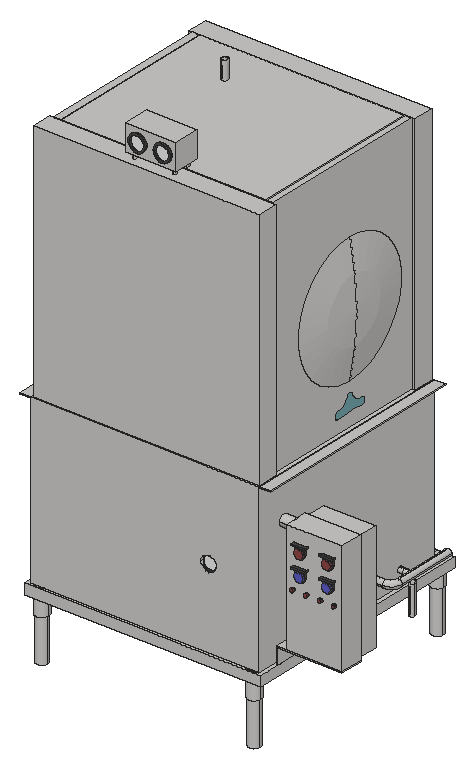
Revit family
Parameters (values of type "208/60/3")
  Width = 2' - 8 5/8"
  Weight in Pounds = 1000
  Waste Water Discharge Temperature [instance] = -459.67 °F
  Volts = 208 V
  Ventilation Remarks [instance] = ""
  URL Cutsheet = ""
  URL = "www.stero.com"
  Steam Supply Volume [instance] = 0 GPM
  Steam Supply Size = 3/4"
  Steam Supply RI Height [instance] = 0' - 0"
  Steam Supply Minimum Pressure = 15.00 psi
  Steam Supply Maximum Pressure = 40.00 psi
  Steam Supply Connection Height = 1' - 2"
  Steam Pounds per Hour = 57
  Status [instance] = ""
  Specification by User [instance] = ""
  Specification by Manufacturer = ""
  Serial Number [instance] = ""
  Seismic Rating [instance] = ""
  SMACNA No [instance] = ""
  Right Exhaust Item Number [instance] = "-"
  Revision Code [instance] = ""
  Plumbing Remarks [instance] = ""
  Plumbing Connection Type [instance] = ""
  Phase = 3
  Number of Poles [instance] = 1
  NAFEM Spec ID Number [instance] = ""
  Model = "U-31A"
  Mechanical Remarks [instance] = ""
  Mechanical Connection Type [instance] = ""
  Masterspec = ""
  Manufacturer = "Stero"
  Item Number [instance] = "-"
  Installed By [instance] = ""
  Indirect Waste Size = 2"
  Indirect Waste Flow [instance] = 0 GPM
  Indirect Waste Connection Type [instance] = ""
  Indirect Waste Connection Height = 0' - 4 1/4"
  Hot Water Usage Rack = "0.5 Gal/Rack"
  Hot Water Usage = "70 GPH"
  Hot Water Temperature = 180 °F
  Hot Water Size = 3/4"
  Hot Water RI Height [instance] = 0' - 0"
  Hot Water Minimum Pressure = 20.00 psi
  Hot Water Maximum Pressure = 20.00 psi
  Hot Water Flow [instance] = 0 GPM
  Hot Water Consumption = 1.97 GPM
  Hot Water Connection Height = 5' - 11 1/2"
  HP = "3"
  Furnished By [instance] = ""
  Foodservice Equipment Identifier [instance] = yes
  FL Amps = 9 A
  Exhaust Volume [instance] = if(Exhaust Vent, 600 CFM, 0 CFM)  # 0 CFM
  Exhaust Vent Width = 0' - 7 7/8"
  Exhaust Vent Depth = 0' - 7 7/8"
  Exhaust Vent [instance] = no
  Exhaust Static Press = 0.00 in-wg
  Exhaust RI Height [instance] = 0' - 0"
  Electrical Remarks [instance] = ""
  Electric Connection Type [instance] = ""
  Elec Conn RI Height [instance] = 0' - 0"
  Elec Conn Connection Height = 2' - 0 3/4"
  Description = "Pot, Pan and Utensil Washer"
  Depth = 2' - 11"
  Cycle = 60 Hz
  Conn Conduit = yes
  Condensate Return Size = 1/2"
  Condensate Return RI Height [instance] = 0' - 0"
  Condensate Return Connection Height = 0' - 7"
  Clearance Depth [instance] = 0' - 4 1/2"
  CSI MasterFormat = "11 48 13"
  Assembly Code = "E1090320"
  Apparent Power = if(Phase = 3, Volts * FL Amps * 1.73, Volts * FL Amps)  # 3238.56 VA
Types (3): name | Volts | FL Amps | Apparent Power
  (no name) | 208 V | 9 A | 3238.56 VA
  208/60/3 | 208 V | 9 A | 3238.56 VA
  480/60/3 | 480 V | 4.8 A | 3985.92 VA
Reference planes (in)
  plane 1: z = 0
  plane 2 "Left of Top": x = 2.32772
  plane 3 "BACK": y = -48
  plane 4 "TOP": z = 100.5
  plane 5 "Right of Top": x = 34.95272
  plane 6 "FRONT": y = -83
  plane 7 "LEFT": x = 1.64022
  plane 8 "RIGHT": x = 35.64022
  plane 9 "Bottom of Machine": z = 8.5
  plane 10 "Table Height": z = 34
  plane 11 "Top of Machine": z = 69
  plane 12: z = 10
  plane 13 "Center": x = 18.64022
  plane 14 "Top of Opening": z = 61.5625
  plane 15: z = 6.25
  plane 16: x = 2.20272
  plane 17: x = 35.07772
  plane 18: x = 0.57772
  plane 19: x = 36.70272
  plane 20 "Front of Bottom": y = -82.5625
  plane 21: y = -65.5
  plane 22: y = -51
  plane 23 "Back of Top": y = -51.25
  plane 24 "Front of Top": y = -82.3125
  plane 25: y = -79.3125
  plane 26: y = -54.25
  plane 27: x = 33.45272
  plane 28: x = 3.82772
  plane 29: x = 34.45272
  plane 30: x = 2.82772
  plane 31 "Front of Panel": y = -81.5625
  plane 32: y = -77.8125
  plane 33: z = 69.75
  plane 34: z = 73.5
  plane 35: x = 15.01522
  plane 36: x = 22.26522
  plane 37: x = 14.70272
  plane 38: y = -62.3125
  plane 39: y = -54.4375
  plane 40: x = 22.57772
  plane 41: y = -43.5
  plane 42 "Front of Lower Panel": y = -79.9375
  plane 43: y = -76.625
  plane 44: z = 12.375
  plane 45: z = 28.625
  plane 46 "Right of Lower Panel": x = 44.95272
  plane 47 "Left of Lower Panel": x = 36.95272
  plane 48 "Back of Lower Panel": y = -73.5625
  plane 49: z = 28.375
  plane 50: z = 12.625
  plane 51: x = 44.70272
  plane 52: x = 37.20272
  plane 53: z = 21.5
  plane 54: x = 27.82772
  plane 55: z = 4.25
  plane 56: z = 71.5
  plane 57: y = -60.3125
  plane 58: x = 12.32772
  plane 59: z = 24.75
  plane 60: x = 37.95272
  plane 61 "Condensate": y = -57.3125
  plane 62: y = -53.3125
  plane 63: y = -63.3125
  plane 64: z = 7
  plane 65: z = 12.25
  plane 66 "Steam Supply": z = 14
  plane 67: x = 38.95272
Forms (in)
  Extrusion 1, solid, material "QF_Finishes_Stainless Steel"
    sketch origin (0, 0, 8.5) x (0, 1, 0) y (-1, 0, 0)
      loop
        line (-48, -1.64022) -> (-83, -1.64022) -> (-83, -35.64022) -> (-48, -35.64022) -> (-48, -1.64022)
    from 0 to 1.5
  Extrusion 2, solid, material "QF_Finishes_Stainless Steel"
    sketch origin (0, 0, 28.5) x (0, 1, 0) y (-1, 0, 0)
      loop
        line (-51, -2.20272) -> (-82.5625, -2.20272) -> (-82.5625, -35.07772) -> (-51, -35.07772) -> (-51, -2.20272)
    from 5.5 to -18.5
  Extrusion 3, solid, material "QF_Finishes_Stainless Steel"
    sketch origin (0, 0, 34) x (0, 1, 0) y (-1, 0, 0)
      loop
        line (-51, -2.20272) -> (-51, -0.57772) -> (-82.5625, -0.57772) -> (-82.5625, -2.20272) -> (-51, -2.20272)
    from 0 to -0.125
  Extrusion 4, solid, material "QF_Finishes_Stainless Steel"
    sketch origin (0, 0, 34) x (0, 1, 0) y (-1, 0, 0)
      loop
        line (-51, -35.07772) -> (-82.5625, -35.07772) -> (-82.5625, -36.70272) -> (-51, -36.70272) -> (-51, -35.07772)
    from 0 to -0.125
  Extrusion 5, solid, material "QF_Finishes_Stainless Steel"
    sketch origin (0, 0, 69) x (0, 1, 0) y (-1, 0, 0)
      loop
        line (-54.25, -3.82772) -> (-79.3125, -3.82772) -> (-79.3125, -33.45272) -> (-54.25, -33.45272) -> (-54.25, -3.82772)
    from 0 to -7.4375
  Extrusion 6, solid, material "QF_Finishes_Stainless Steel"
    sketch origin (0, 0, 69) x (0, 1, 0) y (-1, 0, 0)
      loop
        line (-51.25, -2.32772) -> (-54.25, -2.32772) -> (-54.25, -34.95272) -> (-51.25, -34.95272) -> (-51.25, -2.32772)
    from 0 to -35
  Extrusion 7, solid, material "QF_Finishes_Stainless Steel"
    sketch origin (-31.85978, -79.82772, 69) x (-1, 0, 0) y (0, -1, 0)
      loop
        line (-65.3125, -0.51522) -> (-66.3125, -0.51522) -> (-66.3125, -25.57772) -> (-65.3125, -25.57772) -> (-65.3125, -0.51522)
    from 0 to -35
  Revolve 8, solid, material "QF_Finishes_Stainless Steel"
    sketch origin (-32.35978, -65.50246, -4.22611) x (-1, 0, 0) y (0, 0, 1)
      loop
        line (-66.8125, 53.5625) -> (-66.8125, 62.89889)
        arc (-66.8125, 62.89889) -> (-67.57581, 58.2589) -> (-67.8125, 53.5625) r 41.7501
        line (-67.8125, 53.5625) -> (-66.8125, 53.5625)
      axis (-66.8125, 53.5625) -> (-67.8125, 53.5625)
    angle from 0 to 360
  Extrusion 9, solid, material "QF_Finishes_Stainless Steel"
    sketch origin (0, 0, 0) x (1, 0, 0) y (0, 1, 0)
      loop
        circle (3.32772, -49) r 0.8125
    from 0 to 6.25
  Extrusion 10, solid, material "QF_Finishes_Stainless Steel"
    sketch origin (0, 0, 0) x (1, 0, 0) y (0, 1, 0)
      loop
        circle (3.32772, -49) r 0.9375
    from 6.25 to 8.5
  Extrusion 11, solid, material "QF_Finishes_Stainless Steel"
    sketch origin (48.65544, 0, 0) x (-1, 0, 0) y (0, -1, 0)
      loop
        circle (14.70272, 49) r 0.8125
    from 0 to 6.25
  Extrusion 12, solid, material "QF_Finishes_Stainless Steel"
    sketch origin (48.65544, 0, 0) x (-1, 0, 0) y (0, -1, 0)
      loop
        circle (14.70272, 49) r 0.9375
    from 6.25 to 10
  Extrusion 13, solid, material "QF_Finishes_Stainless Steel"
    sketch origin (0, -121, 0) x (1, 0, 0) y (0, 1, 0)
      loop
        circle (3.32772, 39) r 0.8125
    from 0 to 6.25
  Extrusion 14, solid, material "QF_Finishes_Stainless Steel"
    sketch origin (0, -121, 0) x (1, 0, 0) y (0, 1, 0)
      loop
        circle (3.32772, 39) r 0.9375
    from 6.25 to 10
  Extrusion 15, solid, material "QF_Finishes_Stainless Steel"
    sketch origin (48.65544, -121, 0) x (-1, 0, 0) y (0, -1, 0)
      loop
        circle (14.70272, -39) r 0.8125
    from 0 to 6.25
  Extrusion 16, solid, material "QF_Finishes_Stainless Steel"
    sketch origin (48.65544, -121, 0) x (-1, 0, 0) y (0, -1, 0)
      loop
        circle (14.70272, -39) r 0.9375
    from 6.25 to 10
  Extrusion 17, solid, material "QF_Finishes_Light Blue"
    sketch origin (34.95272, -79.82772, 5.5) x (0, -1, 0) y (0, 0, 1)
      loop
        line (-13.71645, 30.53132) -> (-12.08461, 30.44809)
        arc (-12.08461, 30.44809) -> (-11.90443, 30.52273) -> (-11.82979, 30.70292) r 0.25483
        line (-11.82979, 30.70292) -> (-11.82979, 31.18785)
        arc (-11.82979, 31.18785) -> (-11.90343, 31.36562) -> (-12.08121, 31.43926) r 0.25142
        arc (-12.08121, 31.43926) -> (-13.22593, 31.6553) -> (-13.90311, 32.60319) r 1.56264
        arc (-13.90311, 32.60319) -> (-14.31726, 32.93713) -> (-14.74741, 32.62407) r 0.43733
        arc (-14.74741, 32.62407) -> (-15.42049, 31.66111) -> (-16.57423, 31.43926) r 1.56264
        arc (-16.57423, 31.43926) -> (-16.75201, 31.36562) -> (-16.82565, 31.18785) r 0.25142
        line (-16.82565, 31.18785) -> (-16.82565, 30.70292)
        arc (-16.82565, 30.70292) -> (-16.75101, 30.52273) -> (-16.57082, 30.44809) r 0.25483
        line (-16.57082, 30.44809) -> (-14.93898, 30.53132)
        arc (-14.93898, 30.53132) -> (-14.32772, 30.54468) -> (-13.71645, 30.53132) r 13.99777
    from 0.5 to 0.4375
  Extrusion 18, solid, material "QF_Finishes_Stainless Steel"
    sketch origin (0, -17.25, 69) x (0, 1, 0) y (-1, 0, 0)
      loop
        line (-62.0625, -2.32772) -> (-65.0625, -2.32772) -> (-65.0625, -34.95272) -> (-62.0625, -34.95272) -> (-62.0625, -2.32772)
    from 0 to -35
  Extrusion 19, solid, material "QF_Finishes_Stainless Steel"
    sketch origin (69.14022, -79.82772, 69) x (1, 0, 0) y (0, 1, 0)
      loop
        line (-65.3125, 0.51522) -> (-65.3125, 25.57772) -> (-66.3125, 25.57772) -> (-66.3125, 0.51522) -> (-65.3125, 0.51522)
    from 0 to -35
  Revolve 20, solid, material "QF_Finishes_Stainless Steel"
    sketch origin (69.64022, -65.50246, -4.22611) x (1, 0, 0) y (0, 0, -1)
      loop
        line (-66.8125, -53.5625) -> (-67.8125, -53.5625)
        arc (-67.8125, -53.5625) -> (-67.57581, -58.2589) -> (-66.8125, -62.89889) r 41.7501
        line (-66.8125, -62.89889) -> (-66.8125, -53.5625)
      axis (-66.8125, -53.5625) -> (-67.8125, -53.5625)
    angle from 0 to 360
  Extrusion 21, solid, material "QF_Finishes_Light Blue"
    sketch origin (2.32772, -79.82772, 5.5) x (0, -1, 0) y (0, 0, -1)
      loop
        arc (-13.71645, -30.53132) -> (-14.32772, -30.54468) -> (-14.93898, -30.53132) r 13.99777
        line (-14.93898, -30.53132) -> (-16.57082, -30.44809)
        arc (-16.57082, -30.44809) -> (-16.75101, -30.52273) -> (-16.82565, -30.70292) r 0.25483
        line (-16.82565, -30.70292) -> (-16.82565, -31.18785)
        arc (-16.82565, -31.18785) -> (-16.75201, -31.36562) -> (-16.57423, -31.43926) r 0.25142
        arc (-16.57423, -31.43926) -> (-15.42049, -31.66111) -> (-14.74741, -32.62407) r 1.56264
        arc (-14.74741, -32.62407) -> (-14.31726, -32.93713) -> (-13.90311, -32.60319) r 0.43733
        arc (-13.90311, -32.60319) -> (-13.22593, -31.6553) -> (-12.08121, -31.43926) r 1.56264
        arc (-12.08121, -31.43926) -> (-11.90343, -31.36562) -> (-11.82979, -31.18785) r 0.25142
        line (-11.82979, -31.18785) -> (-11.82979, -30.70292)
        arc (-11.82979, -30.70292) -> (-11.90443, -30.52273) -> (-12.08461, -30.44809) r 0.25483
        line (-12.08461, -30.44809) -> (-13.71645, -30.53132)
    from 0.5 to 0.4375
  Extrusion 22, solid, material "QF_Finishes_Clearance", detail levels coarse
    sketch origin (-31.85978, -79.82772, 100.5) x (-1, 0, 0) y (0, -1, 0)
      loop
        line (-65.3125, -0.51522) -> (-66.3125, -0.51522) -> (-66.3125, -25.57772) -> (-65.3125, -25.57772) -> (-65.3125, -0.51522)
    from 0 to -31.5
  Extrusion 23, solid, material "QF_Finishes_Clearance", detail levels coarse
    sketch origin (69.14022, -79.82772, 100.5) x (1, 0, 0) y (0, 1, 0)
      loop
        line (-65.3125, 0.51522) -> (-65.3125, 25.57772) -> (-66.3125, 25.57772) -> (-66.3125, 0.51522) -> (-65.3125, 0.51522)
    from 0 to -31.5
  Extrusion 24, solid, material "QF_Finishes_Stainless Steel"
    sketch origin (0.0625, -81.5625, 0) x (1, 0, 0) y (0, 0, 1)
      loop
        line (14.95272, 73.5) -> (14.95272, 69.75) -> (22.20272, 69.75) -> (22.20272, 73.5) -> (14.95272, 73.5)
    from 0 to -3.75
  Extrusion 25, solid, material "QF_Finishes_Stainless Steel"
    sketch origin (0.0625, 0, 69) x (0, 1, 0) y (-1, 0, 0)
      loop
        circle (-78.5625, -15.70272) r 0.25
      loop
        circle (-78.5625, -21.45272) r 0.25
      loop
        circle (-80.8125, -15.70272) r 0.25
      loop
        circle (-80.8125, -21.45272) r 0.25
    from 0 to 0.75
  Extrusion 26, solid, material "QF_Finishes_Black"
    sketch origin (0.0625, -81.5625, 0) x (1, 0, 0) y (0, 0, 1)
      loop
        circle (16.75933, 71.60797) r 1.25
      loop
        circle (16.75933, 71.60797) r 1
    from 0 to 0.25
  Extrusion 27, solid, material "QF_Finishes_White"
    sketch origin (0.0625, -81.5625, 0) x (1, 0, 0) y (0, 0, 1)
      loop
        circle (16.75933, 71.60797) r 1
    from 0 to 0.0625
  Extrusion 28, solid, material "QF_Finishes_Black"
    sketch origin (3.6875, -81.5625, 0) x (1, 0, 0) y (0, 0, 1)
      loop
        circle (16.75933, 71.60797) r 1.25
      loop
        circle (16.75933, 71.60797) r 1
    from 0 to 0.25
  Extrusion 29, solid, material "QF_Finishes_White"
    sketch origin (3.6875, -81.5625, 0) x (1, 0, 0) y (0, 0, 1)
      loop
        circle (16.75933, 71.60797) r 1
    from 0 to 0.0625
  Extrusion 30, solid, material "QF_Finishes_Stainless Steel", visible <- "Exhaust Vent"
    sketch origin (0, 0, 69) x (0, 1, 0) y (-1, 0, 0)
      loop
        line (-54.4375, -14.70272) -> (-62.3125, -14.70272) -> (-62.3125, -22.57772) -> (-54.4375, -22.57772) -> (-54.4375, -14.70272)
      loop
        line (-62.1875, -14.82772) -> (-62.1875, -22.45272) -> (-54.5625, -22.45272) -> (-54.5625, -14.82772) -> (-62.1875, -14.82772)
    from 0 to 8
  Extrusion 31, solid, material "QF_Finishes_Clearance", detail levels coarse
    sketch origin (0, 0, 0) x (1, 0, 0) y (0, 1, 0)
      loop
        line (0.57772, -43.5) -> (0.57772, -48) -> (36.70272, -48) -> (36.70272, -43.5) -> (0.57772, -43.5)
    from 0 to 77
  Extrusion 32, solid, material "QF_Finishes_Stainless Steel"
    sketch origin (0, -79.9375, 0) x (-1, 0, 0) y (0, 0, 1)
      loop
        line (-35.64022, 10) -> (-35.51522, 10) -> (-35.51522, 12.375) -> (-44.95272, 12.375) -> (-44.95272, 12.25) -> (-35.64022, 12.25) -> (-35.64022, 10)
    from 0 to 3.3125
  Extrusion 33, solid, material "QF_Finishes_Stainless Steel"
    sketch origin (0, -79.9375, 0) x (-1, 0, 0) y (0, 0, 1)
      loop
        line (-36.95272, 28.625) -> (-44.95272, 28.625) -> (-44.95272, 12.375) -> (-36.95272, 12.375) -> (-36.95272, 28.625)
    from 0 to 3.3125
  Extrusion 34, solid, material "QF_Finishes_Black"
    sketch origin (14.125, -79.9375, -35.75) x (-1, 0, 0) y (0, 0, 1)
      loop
        line (-27.82772, 62.5) -> (-29.82772, 62.5) -> (-29.82772, 62.25) -> (-27.82772, 62.25) -> (-27.82772, 62.5)
    from 0 to -0.5
  Extrusion 35, solid, material "QF_Finishes_LED Red"
    sketch origin (19.125, -79.9375, -35.75) x (-1, 0, 0) y (0, 0, 1)
      loop
        circle (-19.82772, 61.375) r 0.625
    from -0.125 to -0.375
  Extrusion 36, solid, material "QF_Finishes_LED Red"
    sketch origin (23.125, -79.9375, -35.75) x (-1, 0, 0) y (0, 0, 1)
      loop
        circle (-19.82772, 61.375) r 0.625
    from -0.125 to -0.375
  Extrusion 37, solid, material "QF_Finishes_Black"
    sketch origin (14.125, -79.9375, -35.75) x (-1, 0, 0) y (0, 0, 1)
      loop
        arc (-29.57772, 61.375) -> (-28.82772, 60.625) -> (-28.07772, 61.375) r 0.75
        line (-28.07772, 61.375) -> (-28.07772, 62.25) -> (-29.57772, 62.25) -> (-29.57772, 61.375)
    from 0 to -0.125
  Extrusion 38, solid, material "QF_Finishes_Black"
    sketch origin (10.125, -79.9375, -35.75) x (-1, 0, 0) y (0, 0, 1)
      loop
        line (-27.82772, 62.5) -> (-29.82772, 62.5) -> (-29.82772, 62.25) -> (-27.82772, 62.25) -> (-27.82772, 62.5)
    from 0 to -0.5
  Extrusion 39, solid, material "QF_Finishes_Black"
    sketch origin (10.125, -79.9375, -35.75) x (-1, 0, 0) y (0, 0, 1)
      loop
        arc (-29.57772, 61.375) -> (-28.82772, 60.625) -> (-28.07772, 61.375) r 0.75
        line (-28.07772, 61.375) -> (-28.07772, 62.25) -> (-29.57772, 62.25) -> (-29.57772, 61.375)
    from 0 to -0.125
  Extrusion 40, solid, material "QF_Finishes_Black"
    sketch origin (14.125, -79.9375, -38.75) x (-1, 0, 0) y (0, 0, 1)
      loop
        line (-27.82772, 62.5) -> (-29.82772, 62.5) -> (-29.82772, 62.25) -> (-27.82772, 62.25) -> (-27.82772, 62.5)
    from 0 to -0.5
  Extrusion 41, solid, material "QF_Finishes_Navy Blue"
    sketch origin (19.125, -79.9375, -38.75) x (-1, 0, 0) y (0, 0, 1)
      loop
        circle (-19.82772, 61.375) r 0.625
    from -0.125 to -0.375
  Extrusion 42, solid, material "QF_Finishes_Navy Blue"
    sketch origin (23.125, -79.9375, -38.75) x (-1, 0, 0) y (0, 0, 1)
      loop
        circle (-19.82772, 61.375) r 0.625
    from -0.125 to -0.375
  Extrusion 43, solid, material "QF_Finishes_Black"
    sketch origin (14.125, -79.9375, -38.75) x (-1, 0, 0) y (0, 0, 1)
      loop
        arc (-29.57772, 61.375) -> (-28.82772, 60.625) -> (-28.07772, 61.375) r 0.75
        line (-28.07772, 61.375) -> (-28.07772, 62.25) -> (-29.57772, 62.25) -> (-29.57772, 61.375)
    from 0 to -0.125
  Extrusion 44, solid, material "QF_Finishes_Black"
    sketch origin (10.125, -79.9375, -38.75) x (-1, 0, 0) y (0, 0, 1)
      loop
        line (-27.82772, 62.5) -> (-29.82772, 62.5) -> (-29.82772, 62.25) -> (-27.82772, 62.25) -> (-27.82772, 62.5)
    from 0 to -0.5
  Extrusion 45, solid, material "QF_Finishes_Black"
    sketch origin (10.125, -79.9375, -38.75) x (-1, 0, 0) y (0, 0, 1)
      loop
        arc (-29.57772, 61.375) -> (-28.82772, 60.625) -> (-28.07772, 61.375) r 0.75
        line (-28.07772, 61.375) -> (-28.07772, 62.25) -> (-29.57772, 62.25) -> (-29.57772, 61.375)
    from 0 to -0.125
  Extrusion 46, solid, material "QF_Finishes_LED Red"
    sketch origin (19.125, -79.9375, -40.75) x (-1, 0, 0) y (0, 0, 1)
      loop
        circle (-18.82772, 61.375) r 0.25
      loop
        circle (-20.82772, 61.375) r 0.25
      loop
        circle (-22.82772, 61.375) r 0.25
      loop
        circle (-24.82772, 61.375) r 0.25
    from -0.125 to -0.375
  Extrusion 47, solid, material "QF_Finishes_Stainless Steel"
    sketch origin (0, -79.9375, 0) x (-1, 0, 0) y (0, 0, 1)
      loop
        line (-37.20272, 28.375) -> (-44.70272, 28.375) -> (-44.70272, 12.625) -> (-37.20272, 12.625) -> (-37.20272, 28.375)
    from 3.3125 to 6.375
  Extrusion 48, solid, material "QF_Finishes_Stainless Steel"
    sketch origin (35.64022, 0, 0) x (0, -1, 0) y (0, 0, 1)
      loop
        circle (78.28125, 27.875) r 0.75
    from 0.5625 to -1.3125
  Extrusion 49, void
    sketch origin (0, -82.5625, 0) x (1, 0, 0) y (0, 0, 1)
      loop
        circle (27.82772, 21.5) r 1.125
    from 0 to -1
  Extrusion 50, solid, material "QF_Finishes_Black"
    sketch origin (0, -82.5625, 0) x (1, 0, 0) y (0, 0, 1)
      loop
        circle (27.82772, 21.5) r 1.125
      loop
        circle (27.82772, 21.5) r 0.9375
    from -0.25 to -0.5
  Extrusion 51, solid, material "QF_Finishes_White"
    sketch origin (0, -82.5625, 0) x (1, 0, 0) y (0, 0, 1)
      loop
        circle (27.82772, 21.5) r 0.9375
    from -0.25 to -0.5
  Extrusion 52, solid, material "QF_Finishes_Stainless Steel"
    sketch origin (0, 0, 0) x (1, 0, 0) y (0, 1, 0)
      loop
        circle (18.64022, -65.5) r 1
      loop
        circle (18.64022, -65.5) r 1.125
    from 4.25 to 8.5
  Extrusion 53, solid, material "QF_Finishes_Stainless Steel"
    sketch origin (0, 0, 69) x (0, 1, 0) y (-1, 0, 0)
      loop
        circle (-60.3125, -12.32772) r 0.375
      loop
        circle (-60.3125, -12.32772) r 0.5
    from 0 to 2.5
  Extrusion 54, solid, material "QF_Finishes_Stainless Steel"
    sketch origin (0, -73.5625, 0) x (-1, 0, 0) y (0, 0, 1)
      loop
        circle (-37.95272, 24.75) r 0.25
    from 0 to 0.0625
  Sweep 55, solid, material "QF_Finishes_Stainless Steel"
    path origin (0, 0, 14) x (0, 1, 0) y (-1, 0, 0)
      loop
        line (-63.3125, -35.07772) -> (-63.3125, -37.95272)
        arc (-63.3125, -37.95272) -> (-63.01961, -38.65983) -> (-62.3125, -38.95272) r 1
        line (-62.3125, -38.95272) -> (-53.3125, -38.95272)
    profile origin (36.51522, -63.3125, 14) x (0, 1, 0) y (0, 0, 1)
      loop
        circle (0, 0) r 0.375
      loop
        circle (0, 0) r 0.5
  Sweep 56, solid, material "QF_Finishes_Stainless Steel"
    path origin (0, -57.3125, 0) x (1, 0, 0) y (0, 0, 1)
      loop
        line (36.95272, 7) -> (36.95272, 11.25)
        arc (36.95272, 11.25) -> (36.65983, 11.95711) -> (35.95272, 12.25) r 1
        line (35.95272, 12.25) -> (35.07772, 12.25)
    profile origin (36.95272, -57.3125, 9.125) x (-1, 0, 0) y (0, -1, 0)
      loop
        circle (0, 0) r 0.25
      loop
        circle (0, 0) r 0.375
Cuts and joins
  Extrusion 49 cuts Extrusion 2
Lines and regions (in)
  symbolic lines
    curve 1: line (1.64022, -51, 14) -> (35.64022, -51, 14)
    curve 2: line (1.64022, -83, 14) -> (1.64022, -51, 14)
    curve 3: line (35.64022, -83, 14) -> (1.64022, -83, 14)
    curve 4: line (35.64022, -51, 14) -> (35.64022, -83, 14)
    curve 5: line (15.01522, -77.8125, 14) -> (22.26522, -77.8125, 14)
    curve 6: line (15.01522, -81.5625, 14) -> (15.01522, -77.8125, 14)
    curve 7: line (22.26522, -81.5625, 14) -> (15.01522, -81.5625, 14)
    curve 8: line (22.26522, -77.8125, 14) -> (22.26522, -81.5625, 14)
    curve 9: line (22.57772, -62.3125, 14) -> (14.70272, -62.3125, 14)
    curve 10: line (22.57772, -54.4375, 14) -> (22.57772, -62.3125, 14)
    curve 11: line (14.70272, -54.4375, 14) -> (22.57772, -54.4375, 14)
    curve 12: line (14.70272, -62.3125, 14) -> (14.70272, -54.4375, 14)
    curve 13: line (36.95272, -76.625, 14) -> (44.95272, -76.625, 14)
    curve 14: line (36.95272, -79.9375, 14) -> (36.95272, -76.625, 14)
    curve 15: line (44.95272, -79.9375, 14) -> (36.95272, -79.9375, 14)
    curve 16: line (44.95272, -76.625, 14) -> (44.95272, -79.9375, 14)
    curve 17: line (44.70272, -76.625, 14) -> (44.70272, -73.5625, 14)
    curve 18: line (44.70272, -73.5625, 14) -> (37.20272, -73.5625, 14)
    curve 19: line (37.20272, -73.5625, 14) -> (37.20272, -76.625, 14)
    curve 20: line (36.95272, -77.53125, 14) -> (36.70272, -77.53125, 14)
    curve 21: line (36.95272, -79.03125, 14) -> (36.70272, -79.03125, 14)
    curve 22: line (35.64022, -82.5625, 14) -> (36.70272, -82.5625, 14)
    curve 23: line (36.70272, -82.5625, 14) -> (36.70272, -51, 14)
    curve 24: line (36.70272, -51, 14) -> (35.64022, -51, 14)
    curve 25: line (35.64022, -51, 14) -> (35.64022, -48, 14)
    curve 26: line (35.64022, -48, 14) -> (1.64022, -48, 14)
    curve 27: line (1.64022, -48, 14) -> (1.64022, -51, 14)
    curve 28: line (1.64022, -51, 14) -> (0.57772, -51, 14)
    curve 29: line (0.57772, -51, 14) -> (0.57772, -82.5625, 14)
    curve 30: line (0.57772, -82.5625, 14) -> (1.64022, -82.5625, 14)
  symbolic lines, style "QF_Clearances", detail levels coarse
    curve 31: line (0.57772, -48, 14) -> (0.57772, -43.5, 14)
    curve 32: line (0.57772, -43.5, 14) -> (36.70272, -43.5, 14)
    curve 33: line (36.70272, -43.5, 14) -> (36.70272, -48, 14)
Dimensions and locks (in)
  "Width": plane 2 "Left of Top" to plane 5 "Right of Top"
  "Depth": plane 6 "FRONT" to plane 3 "BACK"
  locked: plane 9 "Bottom of Machine" to level at 8.5
  locked: plane 10 "Table Height" to level at 34
  plane 11 "Top of Machine" to level = 5' - 9"
  plane 4 "TOP" to level = 8' - 4 1/2"
  plane 12 to plane 9 "Bottom of Machine" = 0' - 1 1/2"
  equal spacing: plane 2 "Left of Top", plane 13 "Center", plane 5 "Right of Top"
  locked: plane 11 "Top of Machine" to plane 14 "Top of Opening" at 7.4375
  plane 15 to level = 0' - 6 1/4"
  plane 7 "LEFT" to plane 2 "Left of Top" = 0' - 0 11/16"
  plane 5 "Right of Top" to plane 8 "RIGHT" = 0' - 0 11/16"
  locked: plane 16 to plane 2 "Left of Top" at 0.125
  locked: plane 5 "Right of Top" to plane 17 at 0.125
  locked: plane 18 to plane 2 "Left of Top" at 1.75
  locked: plane 5 "Right of Top" to plane 19 at 1.75
  equal spacing: plane 6 "FRONT", plane 21, plane 3 "BACK"
  locked: plane 6 "FRONT" to plane 20 "Front of Bottom" at 0.4375
  plane 3 "BACK" to plane 22 = 0' - 3"
  locked: plane 7 "LEFT" to plane 8 "RIGHT" at 34
  locked: plane 22 to plane 23 "Back of Top" at 0.25
  locked: plane 20 "Front of Bottom" to plane 24 "Front of Top" at 0.25
  locked: plane 23 "Back of Top" to plane 26 at 3
  locked: plane 24 "Front of Top" to plane 25 at 3
  plane 27 to plane 5 "Right of Top" = 0' - 1 1/2"
  plane 2 "Left of Top" to plane 28 = 0' - 1 1/2"
  locked: plane 30 to plane 28 at 1
  locked: plane 27 to plane 29 at 1
  locked: plane 24 "Front of Top" to plane 31 "Front of Panel" at 0.75
  locked: plane 31 "Front of Panel" to plane 32 at 3.75
  locked: plane 33 to plane 11 "Top of Machine" at 0.75
  locked: plane 34 to plane 33 at 3.75
  locked: plane 35 to plane 36 at 7.25
  locked: plane 35 to plane 13 "Center" at 3.625
  locked: plane 37 to plane 13 "Center" at 3.9375
  plane 24 "Front of Top" to plane 38 = 1' - 8"
  locked: plane 38 to plane 39 at 7.875
  locked: plane 37 to plane 40 at 7.875
  "Clearance Depth": plane 41 to plane 3 "BACK"
  plane 42 "Front of Lower Panel" to plane 6 "FRONT" = 0' - 3 1/16"
  locked: plane 43 to plane 42 "Front of Lower Panel" at 3.3125
  locked: plane 44 to plane 12 at 2.375
  locked: plane 45 to plane 44 at 16.25
  locked: plane 8 "RIGHT" to plane 47 "Left of Lower Panel" at 1.3125
  locked: plane 47 "Left of Lower Panel" to plane 46 "Right of Lower Panel" at 8
  locked: plane 48 "Back of Lower Panel" to plane 43 at 3.0625
  locked: plane 45 to plane 49 at 0.25
  locked: plane 50 to plane 44 at 0.25
  locked: plane 47 "Left of Lower Panel" to plane 52 at 0.25
  locked: plane 51 to plane 46 "Right of Lower Panel" at 0.25
  locked: plane 42 "Front of Lower Panel" to Extrusion 48 sketch curve at 1.65625
  locked: plane 45 to Extrusion 48 sketch curve at 0.75
  locked: plane 53 to level at 21.5
  locked: plane 54 to plane 8 "RIGHT" at 7.8125
  locked: plane 55 to level at 4.25
  plane 56 to plane 11 "Top of Machine" = 0' - 2 1/2"
  plane 24 "Front of Top" to plane 57 = 1' - 10"
  locked: plane 2 "Left of Top" to plane 58 at 10
  locked: plane 59 to level at 24.75
  locked: plane 5 "Right of Top" to plane 60 at 3
  locked: plane 24 "Front of Top" to plane 61 "Condensate" at 25
  locked: plane 24 "Front of Top" to plane 62 at 29
  locked: plane 63 to plane 62 at 10
  locked: plane 64 to level at 7
  locked: plane 65 to plane 64 at 5.25
  locked: plane 66 "Steam Supply" to level at 14
  locked: plane 60 to plane 67 at 1
  aligned and locked: level to plane 1
  aligned and locked: Extrusion 1 to plane 9 "Bottom of Machine"
  aligned and locked: plane 12 to Extrusion 1
  aligned and locked: Extrusion 2 to plane 12
  aligned and locked: plane 2 "Left of Top" to Extrusion 6 sketch curve
  aligned and locked: Extrusion 6 sketch curve to plane 5 "Right of Top"
  aligned and locked: Extrusion 6 to plane 10 "Table Height"
  aligned and locked: Extrusion 5 to plane 14 "Top of Opening"
  aligned and locked: plane 6 "FRONT" to Extrusion 1 sketch curve
  aligned and locked: plane 15 to Extrusion 9
  aligned and locked: Extrusion 10 to plane 15
  aligned and locked: plane 9 "Bottom of Machine" to Extrusion 10
  aligned and locked: plane 7 "LEFT" to Extrusion 1 sketch curve
  aligned and locked: plane 8 "RIGHT" to Extrusion 1 sketch curve
  aligned and locked: Extrusion 12 to plane 15
  aligned and locked: plane 15 to Extrusion 11
  aligned and locked: Extrusion 14 to plane 15
  aligned and locked: plane 15 to Extrusion 13
  aligned and locked: plane 15 to Extrusion 15
  aligned and locked: Extrusion 16 to plane 15
  aligned and locked: plane 16 to Extrusion 2 sketch curve
  aligned and locked: plane 17 to Extrusion 2 sketch curve
  aligned and locked: plane 10 "Table Height" to Extrusion 2
  aligned and locked: Extrusion 3 sketch curve to plane 18
  aligned and locked: plane 19 to Extrusion 4 sketch curve
  aligned and locked: Extrusion 4 sketch curve to plane 17
  aligned and locked: plane 16 to Extrusion 3 sketch curve
  aligned and locked: plane 3 "BACK" to Extrusion 1 sketch curve
  aligned and locked: Extrusion 2 sketch curve to plane 22
  aligned and locked: Extrusion 2 sketch curve to plane 20 "Front of Bottom"
  aligned and locked: plane 20 "Front of Bottom" to Extrusion 3 sketch curve
  aligned and locked: plane 22 to Extrusion 3 sketch curve
  aligned and locked: Extrusion 4 sketch curve to plane 22
  aligned and locked: Extrusion 4 sketch curve to plane 20 "Front of Bottom"
  aligned and locked: plane 26 to Extrusion 6 sketch curve
  aligned and locked: Extrusion 6 sketch curve to plane 23 "Back of Top"
  aligned and locked: Extrusion 18 sketch curve to plane 24 "Front of Top"
  aligned and locked: plane 25 to Extrusion 18 sketch curve
  aligned and locked: plane 2 "Left of Top" to Extrusion 18 sketch curve
  aligned and locked: Extrusion 18 sketch curve to plane 5 "Right of Top"
  aligned and locked: Extrusion 18 to plane 10 "Table Height"
  aligned and locked: Extrusion 5 sketch curve to plane 26
  aligned and locked: Extrusion 5 sketch curve to plane 25
  aligned and locked: Extrusion 7 to plane 10 "Table Height"
  aligned and locked: plane 11 "Top of Machine" to Extrusion 7
  aligned and locked: Extrusion 7 sketch curve to plane 26
  aligned and locked: Extrusion 7 sketch curve to plane 25
  aligned and locked: plane 27 to Extrusion 7 sketch curve
  aligned and locked: Extrusion 5 sketch curve to plane 27
  aligned and locked: Extrusion 5 sketch curve to plane 28
  aligned and locked: Extrusion 7 sketch curve to plane 29
  aligned and locked: plane 26 to Extrusion 19 sketch curve
  aligned and locked: plane 30 to Extrusion 19 sketch curve
  aligned and locked: Extrusion 19 sketch curve to plane 28
  aligned and locked: plane 25 to Extrusion 19 sketch curve
  aligned and locked: Extrusion 24 sketch curve to plane 34
  aligned and locked: plane 35 to Extrusion 24 sketch curve
  aligned and locked: plane 33 to Extrusion 24 sketch curve
  aligned and locked: Extrusion 24 sketch curve to plane 36
  aligned and locked: Extrusion 24 to plane 32
  aligned and locked: plane 33 to Extrusion 25
  aligned and locked: Extrusion 27 sketch curve to Extrusion 26  (x2)
  aligned and locked: Extrusion 29 sketch curve to Extrusion 28  (x2)
  aligned and locked: plane 39 to Extrusion 30 sketch curve
  aligned and locked: plane 40 to Extrusion 30 sketch curve
  aligned and locked: Extrusion 30 sketch curve to plane 38
  aligned and locked: plane 37 to Extrusion 30 sketch curve
  aligned and locked: Extrusion 31 sketch curve to plane 41
  aligned and locked: plane 18 to Extrusion 31 sketch curve
  aligned and locked: Extrusion 31 sketch curve to plane 3 "BACK"
  aligned and locked: plane 19 to Extrusion 31 sketch curve
  aligned: plane 4 "TOP" to Extrusion 31
  aligned and locked: Extrusion 32 sketch curve to plane 8 "RIGHT"
  aligned and locked: Extrusion 32 sketch curve to plane 44
  aligned and locked: Extrusion 32 sketch curve to plane 12
  aligned and locked: plane 46 "Right of Lower Panel" to Extrusion 32 sketch curve
  aligned and locked: plane 43 to Extrusion 32
  aligned and locked: plane 46 "Right of Lower Panel" to Extrusion 33 sketch curve
  aligned and locked: plane 44 to Extrusion 33 sketch curve
  aligned and locked: Extrusion 33 sketch curve to plane 47 "Left of Lower Panel"
  aligned and locked: Extrusion 33 sketch curve to plane 45
  aligned and locked: plane 43 to Extrusion 33
  aligned and locked: Extrusion 47 sketch curve to plane 49
  aligned and locked: plane 51 to Extrusion 47 sketch curve
  aligned and locked: Extrusion 47 sketch curve to plane 52
  aligned and locked: plane 50 to Extrusion 47 sketch curve
  aligned and locked: Extrusion 47 to plane 43
  aligned and locked: plane 48 "Back of Lower Panel" to Extrusion 47
  aligned and locked: Extrusion 48 to plane 47 "Left of Lower Panel"
  aligned and locked: Extrusion 51 sketch curve to Extrusion 50  (x2)
  aligned and locked: Extrusion 52 to plane 55
  aligned and locked: plane 9 "Bottom of Machine" to Extrusion 52
  aligned and locked: plane 56 to Extrusion 53
Automatic sketch dimensions
  Revolve 8 sketch curve to plane 29 = 0' - 0"
  plane 8 "RIGHT" to Revolve 8 sketch curve = 0' - 0 3/16"
  Revolve 8 sketch curve to plane 47 "Left of Lower Panel" = 0' - 3 9/16"
  Revolve 8 sketch curve to plane 40 = 0' - 3 3/16"
  Revolve 8 sketch curve to plane 18 = 0' - 6.87435"
  Revolve 8 sketch curve to plane 14 "Top of Opening" = 1' - 0.22611"
  Revolve 8 sketch curve to Revolve 8 sketch curve = 0' - 0"
  Revolve 8 sketch curve to plane 14 "Top of Opening" = 0' - 11.97605"
  plane 28 to Extrusion 9 sketch curve = 0' - 0 1/2"
  plane 3 "BACK" to Extrusion 9 sketch curve = 0' - 1"
  plane 28 to Extrusion 10 sketch curve = 0' - 0 1/2"
  plane 3 "BACK" to Extrusion 10 sketch curve = 0' - 1"
  Extrusion 11 sketch curve to plane 27 = 0' - 0 1/2"
  Extrusion 11 sketch curve to plane 3 "BACK" = 0' - 1"
  Extrusion 12 sketch curve to plane 27 = 0' - 0 1/2"
  Extrusion 12 sketch curve to plane 3 "BACK" = 0' - 1"
  Extrusion 13 sketch curve to plane 28 = 0' - 0 1/2"
  plane 24 "Front of Top" to Extrusion 13 sketch curve = 0' - 0 5/16"
  Extrusion 14 sketch curve to plane 28 = 0' - 0 1/2"
  plane 24 "Front of Top" to Extrusion 14 sketch curve = 0' - 0 5/16"
  plane 27 to Extrusion 15 sketch curve = 0' - 0 1/2"
  Extrusion 15 sketch curve to plane 24 "Front of Top" = 0' - 0 5/16"
  plane 27 to Extrusion 16 sketch curve = 0' - 0 1/2"
  Extrusion 16 sketch curve to plane 24 "Front of Top" = 0' - 0 5/16"
  Extrusion 17 sketch curve to plane 21 = 0' - 0"
  plane 21 to Extrusion 17 sketch curve = 0' - 0.00035"
  plane 21 to Extrusion 17 sketch curve = 0' - 0.41969"
  plane 21 to Extrusion 17 sketch curve = 0' - 0.61126"
  plane 38 to Extrusion 17 sketch curve = 0' - 1.24444"
  plane 38 to Extrusion 17 sketch curve = 0' - 0.9444"
  Extrusion 17 sketch curve to Extrusion 17 sketch curve = 0' - 0.00341"  (x2)
  Extrusion 17 sketch curve to Extrusion 17 sketch curve = 0' - 0.25142"  (x2)
  Extrusion 17 sketch curve to plane 21 = 0' - 0.42461"
  Extrusion 17 sketch curve to Extrusion 17 sketch curve = 0' - 0"
  Extrusion 17 sketch curve to plane 21 = 0' - 0.61126"
  Extrusion 17 sketch curve to Extrusion 17 sketch curve = 0' - 1.51845"
  Extrusion 17 sketch curve to Extrusion 17 sketch curve = 0' - 1.63184"
  Extrusion 17 sketch curve to plane 45 = 0' - 6.5781"
  plane 10 "Table Height" to Extrusion 17 sketch curve = 0' - 1.94809"  (x2)
  Extrusion 17 sketch curve to Extrusion 17 sketch curve = 0' - 0.08323"
  Extrusion 17 sketch curve to Extrusion 17 sketch curve = 0' - 0.48493"  (x2)
  Extrusion 17 sketch curve to Extrusion 17 sketch curve = 0' - 1.96861"
  plane 30 to Revolve 20 sketch curve = 0' - 0"
  plane 7 "LEFT" to Revolve 20 sketch curve = 0' - 0 3/16"
  Revolve 20 sketch curve to plane 18 = 0' - 3 13/16"
  Revolve 20 sketch curve to plane 37 = 0' - 3 1/16"
  plane 46 "Right of Lower Panel" to Revolve 20 sketch curve = 0' - 1.37565"
  Revolve 20 sketch curve to plane 14 "Top of Opening" = 0' - 2.88973"
  Revolve 20 sketch curve to Revolve 20 sketch curve = 0' - 9.08632"
  Revolve 20 sketch curve to Revolve 20 sketch curve = 0' - 0"
  Extrusion 21 sketch curve to plane 21 = 0' - 0"
  plane 21 to Extrusion 21 sketch curve = 0' - 0.00035"
  plane 21 to Extrusion 21 sketch curve = 0' - 0.41969"
  plane 21 to Extrusion 21 sketch curve = 0' - 0.61126"
  plane 38 to Extrusion 21 sketch curve = 0' - 1.24444"
  plane 38 to Extrusion 21 sketch curve = 0' - 0.9444"
  Extrusion 21 sketch curve to Extrusion 21 sketch curve = 0' - 0.00341"  (x2)
  Extrusion 21 sketch curve to Extrusion 21 sketch curve = 0' - 0.25142"  (x2)
  Extrusion 21 sketch curve to plane 21 = 0' - 0.42461"
  Extrusion 21 sketch curve to Extrusion 21 sketch curve = 0' - 0"  (x2)
  Extrusion 21 sketch curve to plane 21 = 0' - 0.61126"
  Extrusion 21 sketch curve to Extrusion 21 sketch curve = 0' - 1.51845"
  Extrusion 21 sketch curve to Extrusion 21 sketch curve = 0' - 1.63184"
  plane 10 "Table Height" to Extrusion 21 sketch curve = 0' - 4.47215"
  Extrusion 21 sketch curve to Extrusion 21 sketch curve = 0' - 0.34808"
  Extrusion 21 sketch curve to Extrusion 21 sketch curve = 0' - 0.48493"  (x2)
  Extrusion 21 sketch curve to Extrusion 21 sketch curve = 0' - 0.08323"
  Extrusion 21 sketch curve to plane 45 = 0' - 6.5781"
  plane 25 to Extrusion 22 sketch curve = 0' - 0"
  Extrusion 22 sketch curve to plane 29 = 0' - 0"
  Extrusion 22 sketch curve to plane 27 = 0' - 0"
  Extrusion 22 sketch curve to plane 26 = 0' - 0"
  plane 25 to Extrusion 23 sketch curve = 0' - 0"
  Extrusion 23 sketch curve to plane 30 = 0' - 0"
  Extrusion 23 sketch curve to plane 28 = 0' - 0"
  Extrusion 23 sketch curve to plane 26 = 0' - 0"
  Extrusion 25 sketch curve to plane 31 "Front of Panel" = 0' - 0 3/4"  (x2)
  Extrusion 25 sketch curve to plane 25 = 0' - 0 3/4"  (x2)
  Extrusion 25 sketch curve to plane 36 = 0' - 0 3/4"  (x2)
  plane 35 to Extrusion 25 sketch curve = 0' - 0 3/4"  (x2)
  Extrusion 26 sketch curve to Extrusion 26 sketch curve = 0' - 0"  (x2)
  plane 35 to Extrusion 26 sketch curve = 0' - 1.80661"
  plane 33 to Extrusion 26 sketch curve = 0' - 1.85797"
  Extrusion 28 sketch curve to Extrusion 28 sketch curve = 0' - 0"  (x2)
  plane 13 "Center" to Extrusion 28 sketch curve = 0' - 1.80661"
  plane 33 to Extrusion 28 sketch curve = 0' - 1.85797"
  Extrusion 30 sketch curve to plane 38 = 0' - 0 1/8"
  plane 39 to Extrusion 30 sketch curve = 0' - 0 1/8"
  plane 40 to Extrusion 30 sketch curve = 0' - 0 1/8"
  plane 37 to Extrusion 30 sketch curve = 0' - 0 1/8"
  plane 8 "RIGHT" to Extrusion 32 sketch curve = 0' - 0 1/8"
  Extrusion 32 sketch curve to Extrusion 32 sketch curve = 0' - 0 1/8"
  plane 46 "Right of Lower Panel" to Extrusion 34 sketch curve = 0' - 1"
  Extrusion 34 sketch curve to Extrusion 34 sketch curve = 0' - 2"
  Extrusion 34 sketch curve to plane 45 = 0' - 2 1/8"
  Extrusion 34 sketch curve to Extrusion 34 sketch curve = 0' - 0 1/4"
  Extrusion 35 sketch curve to plane 47 "Left of Lower Panel" = 0' - 2"
  Extrusion 35 sketch curve to plane 45 = 0' - 3"
  plane 46 "Right of Lower Panel" to Extrusion 36 sketch curve = 0' - 2"
  Extrusion 36 sketch curve to plane 45 = 0' - 3"
  plane 46 "Right of Lower Panel" to Extrusion 37 sketch curve = 0' - 1 1/4"
  Extrusion 37 sketch curve to Extrusion 37 sketch curve = 0' - 0 3/4"
  Extrusion 37 sketch curve to plane 45 = 0' - 3"
  Extrusion 37 sketch curve to Extrusion 37 sketch curve = 0' - 0 7/8"
  Extrusion 38 sketch curve to plane 47 "Left of Lower Panel" = 0' - 3"
  Extrusion 38 sketch curve to plane 47 "Left of Lower Panel" = 0' - 1"
  Extrusion 38 sketch curve to plane 45 = 0' - 2 1/8"
  Extrusion 38 sketch curve to Extrusion 38 sketch curve = 0' - 0 1/4"
  Extrusion 39 sketch curve to plane 47 "Left of Lower Panel" = 0' - 2 3/4"
  Extrusion 39 sketch curve to Extrusion 39 sketch curve = 0' - 0 3/4"
  Extrusion 39 sketch curve to plane 45 = 0' - 3"
  Extrusion 39 sketch curve to Extrusion 39 sketch curve = 0' - 0 7/8"
  plane 46 "Right of Lower Panel" to Extrusion 40 sketch curve = 0' - 1"
  Extrusion 40 sketch curve to Extrusion 40 sketch curve = 0' - 2"
  Extrusion 40 sketch curve to plane 45 = 0' - 5 1/8"
  Extrusion 40 sketch curve to Extrusion 40 sketch curve = 0' - 0 1/4"
  Extrusion 41 sketch curve to plane 47 "Left of Lower Panel" = 0' - 2"
  Extrusion 41 sketch curve to plane 45 = 0' - 6"
  plane 46 "Right of Lower Panel" to Extrusion 42 sketch curve = 0' - 2"
  Extrusion 42 sketch curve to plane 45 = 0' - 6"
  plane 46 "Right of Lower Panel" to Extrusion 43 sketch curve = 0' - 1 1/4"
  Extrusion 43 sketch curve to Extrusion 43 sketch curve = 0' - 0 3/4"
  Extrusion 43 sketch curve to plane 45 = 0' - 6"
  Extrusion 43 sketch curve to Extrusion 43 sketch curve = 0' - 0 7/8"
  Extrusion 44 sketch curve to plane 47 "Left of Lower Panel" = 0' - 3"
  Extrusion 44 sketch curve to plane 47 "Left of Lower Panel" = 0' - 1"
  Extrusion 44 sketch curve to plane 45 = 0' - 5 1/8"
  Extrusion 44 sketch curve to Extrusion 44 sketch curve = 0' - 0 1/4"
  Extrusion 45 sketch curve to plane 47 "Left of Lower Panel" = 0' - 2 3/4"
  Extrusion 45 sketch curve to Extrusion 45 sketch curve = 0' - 0 3/4"
  Extrusion 45 sketch curve to plane 45 = 0' - 6"
  Extrusion 45 sketch curve to Extrusion 45 sketch curve = 0' - 0 7/8"
  plane 46 "Right of Lower Panel" to Extrusion 46 sketch curve = 0' - 1"
  Extrusion 46 sketch curve to Extrusion 46 sketch curve = 0' - 2"  (x2)
  Extrusion 46 sketch curve to plane 47 "Left of Lower Panel" = 0' - 1"
  Extrusion 46 sketch curve to plane 45 = 0' - 8"
  Extrusion 46 sketch curve to Extrusion 46 sketch curve = 0' - 0"  (x3)
  Extrusion 49 sketch curve to plane 53 = 0' - 0"
  plane 54 to Extrusion 49 sketch curve = 0' - 0"
  Extrusion 50 sketch curve to Extrusion 50 sketch curve = 0' - 0"  (x2)
  Extrusion 50 sketch curve to plane 53 = 0' - 0"
  plane 54 to Extrusion 50 sketch curve = 0' - 0"
  Extrusion 52 sketch curve to plane 13 "Center" = 0' - 0"
  Extrusion 52 sketch curve to plane 21 = 0' - 0"
  Extrusion 52 sketch curve to Extrusion 52 sketch curve = 0' - 0"  (x2)
  plane 57 to Extrusion 53 sketch curve = 0' - 0"
  Extrusion 53 sketch curve to plane 58 = 0' - 0"
  Extrusion 53 sketch curve to Extrusion 53 sketch curve = 0' - 0"  (x2)
  Extrusion 54 sketch curve to plane 59 = 0' - 0"
  plane 60 to Extrusion 54 sketch curve = 0' - 0"
  Sweep 55 sketch curve to plane 60 = 0' - 0"
  plane 38 to Sweep 55 sketch curve = 0' - 0"
  plane 62 to Sweep 55 sketch curve = 0' - 0"
  Sweep 55 sketch curve to plane 67 = 0' - 0"
  Sweep 55 sketch curve to plane 17 = 0' - 0"
  Sweep 55 sketch curve to plane 66 "Steam Supply" = 0' - 0"
  Sweep 55 sketch curve to profile plane = 0' - 0"
  Sweep 55 sketch curve to Sweep 55 sketch curve = 0' - 0"  (x2)
  plane 17 to Sweep 56 sketch curve = 0' - 0"
  Sweep 56 sketch curve to plane 65 = 0' - 0"
  plane 47 "Left of Lower Panel" to Sweep 56 sketch curve = 0' - 0"
  Sweep 56 sketch curve to plane 64 = 0' - 0"
  Sweep 56 sketch curve to plane 8 "RIGHT" = 0' - 0 5/16"
  plane 61 "Condensate" to Sweep 56 sketch curve = 0' - 0"
  Sweep 56 sketch curve to profile plane = 0' - 0"
  Sweep 56 sketch curve to Sweep 56 sketch curve = 0' - 0"  (x2)
  curve 3 to plane 6 "FRONT" = 0' - 0"
  curve 30 to plane 7 "LEFT" = 0' - 0"
  plane 20 "Front of Bottom" to curve 30 = 0' - 0"
  curve 23 to plane 19 = 0' - 0"
  plane 20 "Front of Bottom" to curve 23 = 0' - 0"
  plane 31 "Front of Panel" to curve 8 = 0' - 0"
  curve 15 to plane 42 "Front of Lower Panel" = 0' - 0"
  curve 21 to plane 47 "Left of Lower Panel" = 0' - 0"
  plane 32 to curve 5 = 0' - 0"
  curve 14 to plane 43 = 0' - 0"
  curve 18 to plane 48 "Back of Lower Panel" = 0' - 0"
  plane 38 to curve 9 = 0' - 0"
  plane 39 to curve 11 = 0' - 0"
  curve 4 to plane 8 "RIGHT" = 0' - 0"
  curve 4 to plane 22 = 0' - 0"
  plane 3 "BACK" to curve 27 = 0' - 0"
  plane 3 "BACK" to curve 31 = 0' - 0"
  plane 3 "BACK" to curve 33 = 0' - 0"
  curve 32 to plane 19 = 0' - 0"
  curve 32 to plane 41 = 0' - 0"
  curve 13 to plane 46 "Right of Lower Panel" = 0' - 0"
  curve 17 to plane 51 = 0' - 0"
  curve 18 to plane 52 = 0' - 0"
  curve 10 to plane 40 = 0' - 0"
  curve 5 to plane 36 = 0' - 0"
  curve 6 to plane 35 = 0' - 0"
  curve 12 to plane 37 = 0' - 0"
  curve 31 to plane 18 = 0' - 0"
  curve 29 to plane 18 = 0' - 0"
  curve 21 to plane 25 = 0' - 0 9/32"
  curve 20 to plane 32 = 0' - 0 9/32"
  radius of Extrusion 9 sketch curve = 0' - 0 13/16"
  radius of Extrusion 10 sketch curve = 0' - 0 15/16"
  radius of Extrusion 11 sketch curve = 0' - 0 13/16"
  radius of Extrusion 12 sketch curve = 0' - 0 15/16"
  radius of Extrusion 13 sketch curve = 0' - 0 13/16"
  radius of Extrusion 14 sketch curve = 0' - 0 15/16"
  radius of Extrusion 15 sketch curve = 0' - 0 13/16"
  radius of Extrusion 16 sketch curve = 0' - 0 15/16"
  radius of Extrusion 25 sketch curve = 0' - 0 1/4"  (x4)
  radius of Extrusion 26 sketch curve = 0' - 1 1/4"
  radius of Extrusion 26 sketch curve = 0' - 1"
  radius of Extrusion 28 sketch curve = 0' - 1 1/4"
  radius of Extrusion 28 sketch curve = 0' - 1"
  radius of Extrusion 35 sketch curve = 0' - 0 5/8"
  radius of Extrusion 36 sketch curve = 0' - 0 5/8"
  radius of Extrusion 41 sketch curve = 0' - 0 5/8"
  radius of Extrusion 42 sketch curve = 0' - 0 5/8"
  radius of Extrusion 46 sketch curve = 0' - 0 1/4"  (x4)
  radius of Extrusion 48 sketch curve = 0' - 0 3/4"
  radius of Extrusion 49 sketch curve = 0' - 1 1/8"
  radius of Extrusion 50 sketch curve = 0' - 1 1/8"
  radius of Extrusion 50 sketch curve = 0' - 0 15/16"
  radius of Extrusion 52 sketch curve = 0' - 1"
  radius of Extrusion 52 sketch curve = 0' - 1 1/8"
  radius of Extrusion 53 sketch curve = 0' - 0 3/8"
  radius of Extrusion 53 sketch curve = 0' - 0 1/2"
  radius of Extrusion 54 sketch curve = 0' - 0 1/4"
  radius of Sweep 55 sketch curve = 0' - 0 3/8"
  radius of Sweep 55 sketch curve = 0' - 0 1/2"
  radius of Sweep 56 sketch curve = 0' - 0 1/4"
  radius of Sweep 56 sketch curve = 0' - 0 3/8"
Connectors (in)
  hvac at (18.64022, -58.375, 77), driven by "Exhaust Volume", driven by "Exhaust Vent Depth", driven by "Exhaust Vent Width"
    settings: on Extrusion 30, index 1, duct flow 0 CFM, flow factor 0, pres drop 0.00 in-wg, loss coef 0, conn angle 0.00°, conn width 7 7/8", conn height 7 7/8", conn radius 12", duct sys type 3, conn prof type 1, flow config 1, flow direction 2, loss method 0, conn ref index -1, conn util no, is conn primary yes, conn desc "Exhaust"
  electrical at (37.95272, -73.5, 24.75), driven by "Number of Poles", driven by "Volts", driven by "Apparent Power"
    settings: on Extrusion 54, index 2, voltage 208 V, apparent load 3238.56 VA, apparent load phase1 0 VA, apparent load phase2 0 VA, apparent load phase3 0 VA, power factor 1, load classification "Other", number of poles 1, system type 30, power factor state 1, is connector primary yes, connector utility no, sub classification motor no, connector description "Electric"
  piping at (18.64022, -65.5, 4.25), driven by "Indirect Waste Flow"
    settings: on Extrusion 52, index 3, connector radius 1", flow factor 0, pipe flow 0 GPM, pressure drop 0.00 psi, fitting loss kfactor 0, connector angle 0.00°, fixture units 0, flow configuration 1, flow direction 2, fitting loss method 0, system type 16, connector reference index -1, connector utility 0, adjustable connector no, is connector primary yes, fitting loss table "", connector description "Indirect Waste"
  piping at (36.95272, -57.3125, 7)
    settings: on Sweep 56, index 4, connector radius 1/4", flow factor 0, pipe flow 0 GPM, pressure drop 0.00 psi, fitting loss kfactor 0, connector angle 0.00°, fixture units 0, flow configuration 1, flow direction 2, fitting loss method 0, system type 8, connector reference index -1, connector utility 0, adjustable connector no, is connector primary no, fitting loss table "", connector description "Condensate Return"
  piping at (38.95272, -53.3125, 14), driven by "Steam Supply Volume"
    settings: on Sweep 55, index 5, connector radius 3/8", flow factor 0, pipe flow 0 GPM, pressure drop 0.00 psi, fitting loss kfactor 0, connector angle 0.00°, fixture units 0, flow configuration 1, flow direction 1, fitting loss method 0, system type 7, connector reference index -1, connector utility 0, adjustable connector no, is connector primary no, fitting loss table "", connector description "Steam Supply"
  piping at (12.32772, -60.3125, 71.5), driven by "Hot Water Flow"
    settings: on Extrusion 53, index 6, connector radius 3/8", flow factor 0, pipe flow 0 GPM, pressure drop 0.00 psi, fitting loss kfactor 0, connector angle 0.00°, fixture units 0, flow configuration 1, flow direction 1, fitting loss method 0, system type 19, connector reference index -1, connector utility 0, adjustable connector no, is connector primary no, fitting loss table "", connector description "Hot Water"
